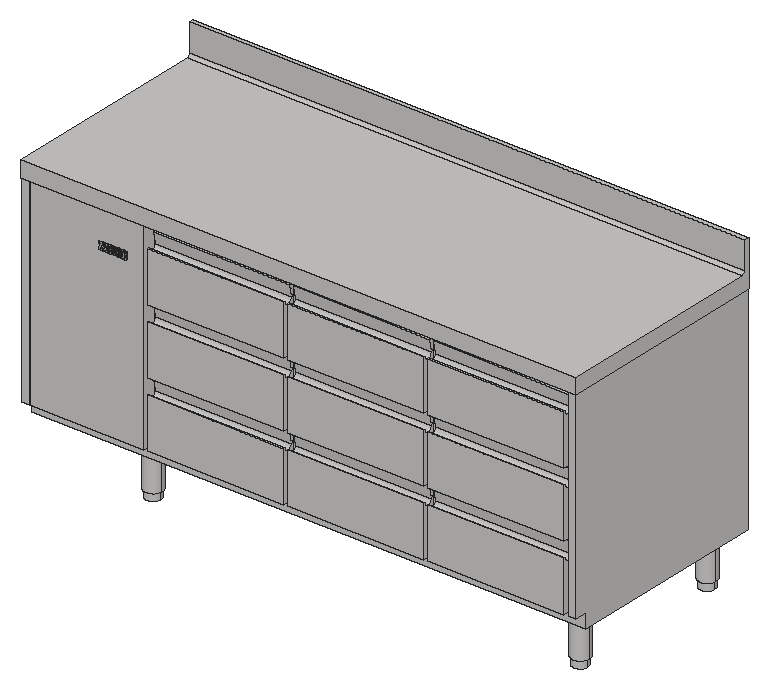
Revit family "QF_ZANUSSI_111050_ZH3H3CCC", category Specialty Equipment, Revit 2018
Family settings
  Round Connector Dimension = Use Diameter
  Part Type = Normal
  Work Plane-Based = No
  Always vertical = Yes
  Cut with Voids When Loaded = No
  Shared = No
  Room Calculation Point = No
Parameters
  Weight = 0.00 kg
  Watts = 0.0232258 W
  Volts = 220 V
  URL Manufacturer = "http://www.zanussiprofessional.com/"
  URL = "http://www.zanussiprofessional.com/"
  Steam Supply Size = 0 mm
  Steam Supply Minimum Pressure = 0.0 Pa
  Steam Supply Maximum Pressure = 0.0 Pa
  Steam Pounds per Hour = 0
  Show Logo [instance] = yes
  Show Clearance [instance] = yes
  Refrigeration Suction Line Size = 0 mm
  Refrigeration Liquid Line Size = 0 mm
  Refrigerant Compressor Remote = yes
  Manufacturer = "Zanussi"
  Phase = 1
  Model = "ZH3H3CCC"
  Length Actual = 1799 mm  # constant formula
  Item Number = "111050"
  Hot Water Size = 0 mm
  Height Actual = 1000 mm  # constant formula
  HP = "0.3 HP"
  Gas Size = 0 mm
  Gas KW = 0
  Gas Input Pressure = 0 W
  Description = "9x1/3 DRAWERS REF.TABLE 440L-SPLASHB"
  Depth Actual = 700 mm  # constant formula
  Cycle = 50 Hz
  Condensate Return Size = 0 mm
  Compressed Air Volume = 0.0 L/s
  Compressed Air Size = 0 mm
  Compressed Air Pressure = 0.0 Pa
  Cold Water Size = 0 mm
  Accessory = yes
Reference planes
  plane 1 "Center X": y = 182.5
  plane 2: z = 0
  plane 3 "Center Y": x = -353.5
  plane 4: y = -62.5
  plane 5: y = 451.5
  plane 6 "BACK": y = 532.5
  plane 7 "FRONT": y = -167.5
  plane 8: x = -906
  plane 9: x = 478
  plane 10: z = 150
  plane 11 "TOP": z = 900
  plane 12: z = 850
  plane 13 "LEFT": x = -1251
  plane 14 "RIGHT": x = 544
  plane 15: x = -1253
  plane 16: x = 546
Forms (mm)
  Extrusion 1, solid, material "QF_Finishes_Stainless Steel"
    sketch origin (-353.5, 2, 0) x (0, 1, 0) y (0, 0, 1)
      loop
        line (530.5, 150) -> (530.5, 850) -> (-124.5, 850) -> (-124.5, 150) -> (530.5, 150)
    from -897.5 to 897.5
  Extrusion 2, solid, material "QF_Finishes_Stainless Steel"
    sketch origin (-1022.223, -1524, 150) x (-1, 0, 0) y (0, -1, 0)
      loop
        line (228.777, -1361.5) -> (203.777, -1361.5) -> (203.777, -1401.5) -> (228.777, -1401.5) -> (228.777, -1361.5)
      loop
        line (-1566.223, -1401.5) -> (-1541.223, -1401.5) -> (-1541.223, -1361.5) -> (-1566.223, -1361.5) -> (-1566.223, -1401.5)
    from 47 to 700
  Extrusion 3, solid, material "QF_Finishes_Stainless Steel"
    sketch origin (0, 0, 900) x (-1, 0, 0) y (0, -1, 0)
      loop
        circle (170, -94.5) r 8.45
    from -790.577 to -750
  Extrusion 4, solid, material "QF_Finishes_Stainless Steel"
    sketch origin (0, 0, 0) x (1, 0, 0) y (0, 1, 0)
      loop
        circle (-1167, 451.5) r 4
    from 109.423 to 150
  Extrusion 5, solid, material "QF_Finishes_Stainless Steel"
    sketch origin (-126.5, 0, 0) x (0, 1, 0) y (0, 0, 1)
      loop
        line (-167.5, 900) -> (-167.5, 850) -> (532.5, 850) -> (532.5, 1000) -> (519.5, 1000) -> (519.5, 910)
        arc (519.5, 910) -> (516.571, 902.929) -> (509.5, 900) r 10
        line (509.5, 900) -> (-167.5, 900)
    from 672.5 to -1126.5
Cuts and joins
  joined: Extrusion 1, Extrusion 2
Lines and regions (mm)
  symbolic lines, style "SpecialityEquipmentHiddenLines"
    curve 1: line (-1253, -122.5, 900) -> (546, -122.5, 900)
    curve 2: line (-850, -167.5, 900) -> (-850, -122.5, 900)
  symbolic lines, style "SpecialityEquipment"
    curve 3: line (-1253, 532.5, 900) -> (546, 532.5, 900)
    curve 4: line (-1253, 532.5, 900) -> (-1253, -167.5, 900)
    curve 5: line (-1253, -167.5, 900) -> (546, -167.5, 900)
    curve 6: line (546, -167.5, 900) -> (546, 532.5, 900)
    curve 7: line (-1253, 519.5, 900) -> (546, 519.5, 900)
Dimensions and locks
  locked: plane 6 "BACK" to plane 7 "FRONT" at 700
  equal spacing: plane 6 "BACK", plane 1 "Center X", plane 7 "FRONT"
  locked: plane 6 "BACK" to plane 5 at 81
  plane 10 to level = 150 mm
  plane 11 "TOP" to plane 12 to plane 10 = 50 mm locked, 700 mm locked
  locked: Extrusion 2 sketch curve to Extrusion 2 sketch curve at 25  (x2)
  locked: plane 4 to plane 7 "FRONT" at 105
  locked: plane 6 "BACK" to Extrusion 3 sketch curve at 438
  equal spacing: plane 13 "LEFT", plane 3 "Center Y", plane 14 "RIGHT"
  plane 15 to plane 16 = 1799 mm
  locked: plane 13 "LEFT" to plane 8 at 345
  locked: plane 9 to plane 14 "RIGHT" at 66
  Extrusion 3 sketch curve to plane 14 "RIGHT" = 714 mm
  plane 13 "LEFT" to Extrusion 4 sketch curve = 84 mm
  locked: plane 6 "BACK" to Extrusion 4 sketch curve at 81
  locked: plane 10 to Extrusion 4 at 40.577
  aligned and locked: level to plane 2
  aligned and locked: plane 10 to Extrusion 3
  aligned and locked: nested 4 to plane 4
  aligned and locked: nested 1 to plane 4
  aligned and locked: nested 3 to plane 5
  aligned and locked: nested 2 to plane 5
  aligned and locked: plane 8 to nested 1
  aligned and locked: plane 8 to nested 2
  aligned and locked: plane 9 to nested 4
  aligned and locked: plane 9 to nested 3
  aligned and locked: Extrusion 1 to Extrusion 2
  aligned and locked: Extrusion 2 to Extrusion 1
  aligned and locked: Extrusion 2 sketch curve to plane 14 "RIGHT"
  aligned and locked: plane 13 "LEFT" to Extrusion 2 sketch curve
  aligned and locked: cut or joined group of Extrusion 1, Extrusion 2 to plane 10
  aligned and locked: plane 12 to cut or joined group of Extrusion 1, Extrusion 2
  aligned and locked: plane 10 to Extrusion 4
Automatic sketch dimensions
  plane 7 "FRONT" to Extrusion 2 sketch curve = 45 mm  (x2)
  plane 7 "FRONT" to Extrusion 2 sketch curve = 5 mm  (x2)
  Extrusion 1 sketch curve to plane 10 = 0 mm
  Extrusion 1 sketch curve to plane 12 = 0 mm
  Extrusion 1 sketch curve to plane 6 "BACK" = 0 mm
  plane 7 "FRONT" to Extrusion 1 sketch curve = 45 mm
  Extrusion 5 sketch curve to plane 7 "FRONT" = 0 mm
  Extrusion 5 sketch curve to plane 11 "TOP" = 0 mm
  Extrusion 5 sketch curve to plane 6 "BACK" = 0 mm
  Extrusion 5 sketch curve to plane 12 = 0 mm
  plane 11 "TOP" to Extrusion 5 sketch curve = 10 mm
  Extrusion 5 sketch curve to plane 6 "BACK" = 23 mm
  Extrusion 5 sketch curve to Extrusion 5 sketch curve = 90 mm
  curve 7 to plane 16 = 0 mm
  curve 2 to plane 7 "FRONT" = 0 mm
  curve 5 to plane 15 = 0 mm
  curve 3 to plane 6 "BACK" = 0 mm
  plane 8 to curve 2 = 56 mm
  curve 3 to curve 7 = 13 mm
  curve 1 to curve 4 = 45 mm
  radius of Extrusion 3 sketch curve = 8.45 mm
  radius of Extrusion 4 sketch curve = 4 mm
Nested families
  nested 1: "Foot_Ø50_H150" at (-906, -62.5, 0), type "Foot_Ø50_H150"
  nested 2: "Foot_Ø50_H150" at (-906, 451.5, 0), type "Foot_Ø50_H150"
  nested 3: "Foot_Ø50_H150" at (478, 451.5, 0), type "Foot_Ø50_H150"
  nested 4: "Foot_Ø50_H150" at (478, -62.5, 0), type "Foot_Ø50_H150"
  nested 5: "3x1-3 Drawers" at (285, -164.5, 0), Show Clearance <- "Show Clearance", type "3x1-3 Drawers"
  nested 6: "3x1-3 Drawers" at (-169, -164.5, 0), Show Clearance <- "Show Clearance", type "3x1-3 Drawers"
  nested 7: "Refrigerator" at (544, -167.5, 900), type "Refrigerator"
  nested 8: "ZAN_Cooling Unit" at (-1041.5, -164.5, 0), Show Logo <- "Show Logo", type "ZAN_Cooling Unit"
  nested 9: "3x1-3 Drawers" at (-623, -164.5, 0) x (-1, 0, 0) z (0, 0, 1), Show Clearance <- "Show Clearance", type "3x1-3 Drawers"
Connectors
  electrical at (-1167, 451.5, 109.423), driven by "Volts"
    settings: on Extrusion 4, index 4, voltage 220 V, apparent load 0 VA, apparent load phase1 0 VA, apparent load phase2 0 VA, apparent load phase3 0 VA, power factor 1, load classification "Altro", number of poles 1, system type 30, power factor state 1, is connector primary yes, connector utility no, sub classification motor no, connector description "Electrical Connection"
  piping at (-170, 94.5, 109.423), diameter 17
    settings: on Extrusion 3, index 5, connector inside diameter 609.6 mm, connector length 0 mm, flow factor 0, pipe flow 0.0 L/s, pressure drop 0.0 Pa, fitting loss kfactor 0, connector angle 0.00°, fixture units 0, engagement length 0 mm, angle of deflection 0.00°, flow configuration 1, flow direction 2, fitting loss method 0, system type 16, joint type 0, gender type 0, connector reference index -1, connector utility 0, adjustable connector no, is connector primary yes, connector description "Drain"
Definition of nested family "Foot_Ø50_H150"
  Reference planes
    plane 1 "Centro (Fronte/Retro)": y = 0
    plane 2: z = 0
    plane 3 "Centro (Sinistra/Destra)": x = 0
    plane 4: z = 150
  Forms (mm)
    Revolve 1, solid
      sketch origin (255.05, 0, 608.09) x (0, 0, 1) y (-1, 0, 0)
        loop
          line (-608.09, 255.05) -> (-608.09, 230.05) -> (-583.09, 230.05) -> (-583.09, 226.05) -> (-458.09, 226.05) -> (-458.09, 255.05) -> (-608.09, 255.05)
        axis (-608.09, 255.05) -> (-458.09, 255.05)
      angle from 0 to 360
  Dimensions and locks
    locked: Revolve 1 sketch curve to Revolve 1 sketch curve at 125
    aligned and locked: level to plane 2
    aligned and locked: plane 4 to Revolve 1 sketch curve
    aligned and locked: Revolve 1 sketch curve to level
    aligned and locked: plane 3 "Centro (Sinistra/Destra)" to Revolve 1 sketch curve
Definition of nested family "3x1-3 Drawers"
  Parameters
    Show Clearance [instance] = yes
  Reference planes
    plane 1 "FRONT": y = -3
    plane 2: z = 0
    plane 3 "Centro (Sinistra/Destra)": x = 0
    plane 4: z = 150
    plane 5: z = 850
    plane 6: x = -234
    plane 7: x = 234
    plane 8: x = -220
    plane 9: x = 220
  Forms (mm)
    Extrusion 1, solid
      sketch origin (0, 55, 511) x (0, 0, 1) y (0, -1, 0)
        loop
          line (314, 18) -> (314, 29) -> (274.395, 22.5)
          arc (274.395, 22.5) -> (260.395, 36.5) -> (274.395, 50.5) r 14
          line (274.395, 50.5) -> (274.395, 53) -> (111.333, 53) -> (111.333, 18) -> (314, 18)
        loop
          line (101.333, 29) -> (61.728, 22.5)
          arc (61.728, 22.5) -> (47.728, 36.5) -> (61.728, 50.5) r 14
          line (61.728, 50.5) -> (61.728, 53) -> (-101.333, 53) -> (-101.333, 18) -> (101.333, 18) -> (101.333, 29)
        loop
          line (-314, 18) -> (-111.333, 18) -> (-111.333, 29) -> (-150.939, 22.5)
          arc (-150.939, 22.5) -> (-164.939, 36.5) -> (-150.939, 50.5) r 14
          line (-150.939, 50.5) -> (-150.939, 53) -> (-314, 53) -> (-314, 18)
      from -220 to 220
    Extrusion 2, solid, visible <- "Show Clearance", detail levels coarse
      sketch origin (0, -462, 511) x (0, 0, 1) y (0, -1, 0)
        loop
          line (-314, 109) -> (-314, -464) -> (-111.333, -464) -> (-111.333, 109) -> (-314, 109)
        loop
          line (314, -464) -> (314, 109) -> (111.333, 109) -> (111.333, -464) -> (314, -464)
        loop
          line (101.333, 109) -> (-101.333, 109) -> (-101.333, -464) -> (101.333, -464) -> (101.333, 109)
      from -220 to 220
  Lines and regions (mm)
    symbolic lines
      curve 1: line (-190, -3, 0) -> (-190, -48, 0)
      curve 2: line (220, -48, 0) -> (-220, -48, 0)
      curve 3: line (-220, -48, 0) -> (-220, -83, 0)
      curve 4: line (-220, -83, 0) -> (220, -83, 0)
      curve 5: line (220, -83, 0) -> (220, -48, 0)
      curve 6: line (190, -48, 0) -> (190, -3, 0)
      curve 7: line (-190, -83, 0) -> (-190, -128, 0)
      curve 8: line (220, -128, 0) -> (-220, -128, 0)
      curve 9: line (-220, -128, 0) -> (-220, -163, 0)
      curve 10: line (-220, -163, 0) -> (220, -163, 0)
      curve 11: line (220, -163, 0) -> (220, -128, 0)
      curve 12: line (190, -128, 0) -> (190, -83, 0)
      curve 13: line (-190, -163, 0) -> (-190, -208, 0)
      curve 14: line (220, -208, 0) -> (-220, -208, 0)
      curve 15: line (-220, -208, 0) -> (-220, -243, 0)
      curve 16: line (-220, -243, 0) -> (220, -243, 0)
      curve 17: line (220, -243, 0) -> (220, -208, 0)
      curve 18: line (190, -208, 0) -> (190, -163, 0)
  Dimensions and locks
    aligned and locked: level to plane 2
Definition of nested family "ZAN_Cooling Unit"
  Parameters
    Show Logo [instance] = yes
  Reference planes
    plane 1 "FRONT": y = -3
    plane 2: z = 0
    plane 3 "Centro (Sinistra/Destra)": x = 0
    plane 4: z = 150
    plane 5: z = 850
    plane 6: x = -184.5
    plane 7: x = 184.5
  Forms (mm)
    Extrusion 1, solid
      sketch origin (0, 55, 511) x (0, 0, 1) y (0, -1, 0)
        loop
          line (-314, 53) -> (-314, 13) -> (339, 13) -> (339, 53) -> (-314, 53)
      from -184.5 to 184.5
  Lines and regions (mm)
    Split face 1
      outline origin (0, 2, 197) x (0, 0, 1) y (-1, 0, 0)
        loop
          line (566.835, 184.5) -> (566.835, -184.5)
        loop
          line (521.835, 184.5) -> (521.835, -184.5)
    Split face 2
      outline origin (0, 2, 197) x (0, 0, 1) y (-1, 0, 0)
        loop
          arc (510.649, 158.547) -> (506.648, 162.548) -> (502.647, 158.547) r 4.001
          line (502.647, 158.547) -> (502.647, 116.535)
          arc (502.647, 116.535) -> (506.648, 112.533) -> (510.649, 116.535) r 4.001
          line (510.649, 116.535) -> (510.649, 158.547)
    Split face 3
      outline origin (0, 2, 184.996) x (0, 0, 1) y (-1, 0, 0)
        loop
          arc (510.649, 158.547) -> (506.648, 162.548) -> (502.647, 158.547) r 4.001
          line (502.647, 158.547) -> (502.647, 116.535)
          arc (502.647, 116.535) -> (506.648, 112.533) -> (510.649, 116.535) r 4.001
          line (510.649, 116.535) -> (510.649, 158.547)
    Split face 4
      outline origin (0, 2, 172.993) x (0, 0, 1) y (-1, 0, 0)
        loop
          arc (510.649, 158.547) -> (506.648, 162.548) -> (502.647, 158.547) r 4.001
          line (502.647, 158.547) -> (502.647, 116.535)
          arc (502.647, 116.535) -> (506.648, 112.533) -> (510.649, 116.535) r 4.001
          line (510.649, 116.535) -> (510.649, 158.547)
    Split face 5
      outline origin (0, 2, 160.989) x (0, 0, 1) y (-1, 0, 0)
        loop
          arc (510.649, 158.547) -> (506.648, 162.548) -> (502.647, 158.547) r 4.001
          line (502.647, 158.547) -> (502.647, 116.535)
          arc (502.647, 116.535) -> (506.648, 112.533) -> (510.649, 116.535) r 4.001
          line (510.649, 116.535) -> (510.649, 158.547)
    Split face 6
      outline origin (0, 2, 148.986) x (0, 0, 1) y (-1, 0, 0)
        loop
          arc (510.649, 158.547) -> (506.648, 162.548) -> (502.647, 158.547) r 4.001
          line (502.647, 158.547) -> (502.647, 116.535)
          arc (502.647, 116.535) -> (506.648, 112.533) -> (510.649, 116.535) r 4.001
          line (510.649, 116.535) -> (510.649, 158.547)
    Split face 7
      outline origin (0, 2, 136.982) x (0, 0, 1) y (-1, 0, 0)
        loop
          arc (510.649, 158.547) -> (506.648, 162.548) -> (502.647, 158.547) r 4.001
          line (502.647, 158.547) -> (502.647, 116.535)
          arc (502.647, 116.535) -> (506.648, 112.533) -> (510.649, 116.535) r 4.001
          line (510.649, 116.535) -> (510.649, 158.547)
    Split face 8
      outline origin (0, 2, 124.979) x (0, 0, 1) y (-1, 0, 0)
        loop
          arc (510.649, 158.547) -> (506.648, 162.548) -> (502.647, 158.547) r 4.001
          line (502.647, 158.547) -> (502.647, 116.535)
          arc (502.647, 116.535) -> (506.648, 112.533) -> (510.649, 116.535) r 4.001
          line (510.649, 116.535) -> (510.649, 158.547)
    Split face 9
      outline origin (0, 2, 112.975) x (0, 0, 1) y (-1, 0, 0)
        loop
          arc (510.649, 158.547) -> (506.648, 162.548) -> (502.647, 158.547) r 4.001
          line (502.647, 158.547) -> (502.647, 116.535)
          arc (502.647, 116.535) -> (506.648, 112.533) -> (510.649, 116.535) r 4.001
          line (510.649, 116.535) -> (510.649, 158.547)
    Split face 10
      outline origin (0, 2, 100.972) x (0, 0, 1) y (-1, 0, 0)
        loop
          arc (510.649, 158.547) -> (506.648, 162.548) -> (502.647, 158.547) r 4.001
          line (502.647, 158.547) -> (502.647, 116.535)
          arc (502.647, 116.535) -> (506.648, 112.533) -> (510.649, 116.535) r 4.001
          line (510.649, 116.535) -> (510.649, 158.547)
    Split face 11
      outline origin (0, 2, 88.968) x (0, 0, 1) y (-1, 0, 0)
        loop
          arc (510.649, 158.547) -> (506.648, 162.548) -> (502.647, 158.547) r 4.001
          line (502.647, 158.547) -> (502.647, 116.535)
          arc (502.647, 116.535) -> (506.648, 112.533) -> (510.649, 116.535) r 4.001
          line (510.649, 116.535) -> (510.649, 158.547)
    Split face 12
      outline origin (0, 2, 76.965) x (0, 0, 1) y (-1, 0, 0)
        loop
          arc (510.649, 158.547) -> (506.648, 162.548) -> (502.647, 158.547) r 4.001
          line (502.647, 158.547) -> (502.647, 116.535)
          arc (502.647, 116.535) -> (506.648, 112.533) -> (510.649, 116.535) r 4.001
          line (510.649, 116.535) -> (510.649, 158.547)
    Split face 13
      outline origin (0, 2, 64.961) x (0, 0, 1) y (-1, 0, 0)
        loop
          arc (510.649, 158.547) -> (506.648, 162.548) -> (502.647, 158.547) r 4.001
          line (502.647, 158.547) -> (502.647, 116.535)
          arc (502.647, 116.535) -> (506.648, 112.533) -> (510.649, 116.535) r 4.001
          line (510.649, 116.535) -> (510.649, 158.547)
    Split face 14
      outline origin (0, 2, 52.958) x (0, 0, 1) y (-1, 0, 0)
        loop
          arc (510.649, 158.547) -> (506.648, 162.548) -> (502.647, 158.547) r 4.001
          line (502.647, 158.547) -> (502.647, 116.535)
          arc (502.647, 116.535) -> (506.648, 112.533) -> (510.649, 116.535) r 4.001
          line (510.649, 116.535) -> (510.649, 158.547)
    Split face 15
      outline origin (0, 2, 40.954) x (0, 0, 1) y (-1, 0, 0)
        loop
          arc (510.649, 158.547) -> (506.648, 162.548) -> (502.647, 158.547) r 4.001
          line (502.647, 158.547) -> (502.647, 116.535)
          arc (502.647, 116.535) -> (506.648, 112.533) -> (510.649, 116.535) r 4.001
          line (510.649, 116.535) -> (510.649, 158.547)
    Split face 16
      outline origin (0, 2, 28.951) x (0, 0, 1) y (-1, 0, 0)
        loop
          arc (510.649, 158.547) -> (506.648, 162.548) -> (502.647, 158.547) r 4.001
          line (502.647, 158.547) -> (502.647, 116.535)
          arc (502.647, 116.535) -> (506.648, 112.533) -> (510.649, 116.535) r 4.001
          line (510.649, 116.535) -> (510.649, 158.547)
    Split face 17
      outline origin (0, 2, 16.947) x (0, 0, 1) y (-1, 0, 0)
        loop
          arc (510.649, 158.547) -> (506.648, 162.548) -> (502.647, 158.547) r 4.001
          line (502.647, 158.547) -> (502.647, 116.535)
          arc (502.647, 116.535) -> (506.648, 112.533) -> (510.649, 116.535) r 4.001
          line (510.649, 116.535) -> (510.649, 158.547)
    Split face 18
      outline origin (55.016, 2, 197) x (0, 0, 1) y (-1, 0, 0)
        loop
          arc (510.649, 158.547) -> (506.648, 162.548) -> (502.647, 158.547) r 4.001
          line (502.647, 158.547) -> (502.647, 116.535)
          arc (502.647, 116.535) -> (506.648, 112.533) -> (510.649, 116.535) r 4.001
          line (510.649, 116.535) -> (510.649, 158.547)
    Split face 19
      outline origin (55.016, 2, 184.996) x (0, 0, 1) y (-1, 0, 0)
        loop
          arc (510.649, 158.547) -> (506.648, 162.548) -> (502.647, 158.547) r 4.001
          line (502.647, 158.547) -> (502.647, 116.535)
          arc (502.647, 116.535) -> (506.648, 112.533) -> (510.649, 116.535) r 4.001
          line (510.649, 116.535) -> (510.649, 158.547)
    Split face 20
      outline origin (55.016, 2, 172.993) x (0, 0, 1) y (-1, 0, 0)
        loop
          arc (510.649, 158.547) -> (506.648, 162.548) -> (502.647, 158.547) r 4.001
          line (502.647, 158.547) -> (502.647, 116.535)
          arc (502.647, 116.535) -> (506.648, 112.533) -> (510.649, 116.535) r 4.001
          line (510.649, 116.535) -> (510.649, 158.547)
    Split face 21
      outline origin (55.016, 2, 160.989) x (0, 0, 1) y (-1, 0, 0)
        loop
          arc (510.649, 158.547) -> (506.648, 162.548) -> (502.647, 158.547) r 4.001
          line (502.647, 158.547) -> (502.647, 116.535)
          arc (502.647, 116.535) -> (506.648, 112.533) -> (510.649, 116.535) r 4.001
          line (510.649, 116.535) -> (510.649, 158.547)
    Split face 22
      outline origin (55.016, 2, 148.986) x (0, 0, 1) y (-1, 0, 0)
        loop
          arc (510.649, 158.547) -> (506.648, 162.548) -> (502.647, 158.547) r 4.001
          line (502.647, 158.547) -> (502.647, 116.535)
          arc (502.647, 116.535) -> (506.648, 112.533) -> (510.649, 116.535) r 4.001
          line (510.649, 116.535) -> (510.649, 158.547)
    Split face 23
      outline origin (55.016, 2, 136.982) x (0, 0, 1) y (-1, 0, 0)
        loop
          arc (510.649, 158.547) -> (506.648, 162.548) -> (502.647, 158.547) r 4.001
          line (502.647, 158.547) -> (502.647, 116.535)
          arc (502.647, 116.535) -> (506.648, 112.533) -> (510.649, 116.535) r 4.001
          line (510.649, 116.535) -> (510.649, 158.547)
    Split face 24
      outline origin (55.016, 2, 124.979) x (0, 0, 1) y (-1, 0, 0)
        loop
          arc (510.649, 158.547) -> (506.648, 162.548) -> (502.647, 158.547) r 4.001
          line (502.647, 158.547) -> (502.647, 116.535)
          arc (502.647, 116.535) -> (506.648, 112.533) -> (510.649, 116.535) r 4.001
          line (510.649, 116.535) -> (510.649, 158.547)
    Split face 25
      outline origin (55.016, 2, 112.975) x (0, 0, 1) y (-1, 0, 0)
        loop
          arc (510.649, 158.547) -> (506.648, 162.548) -> (502.647, 158.547) r 4.001
          line (502.647, 158.547) -> (502.647, 116.535)
          arc (502.647, 116.535) -> (506.648, 112.533) -> (510.649, 116.535) r 4.001
          line (510.649, 116.535) -> (510.649, 158.547)
    Split face 26
      outline origin (55.016, 2, 100.972) x (0, 0, 1) y (-1, 0, 0)
        loop
          arc (510.649, 158.547) -> (506.648, 162.548) -> (502.647, 158.547) r 4.001
          line (502.647, 158.547) -> (502.647, 116.535)
          arc (502.647, 116.535) -> (506.648, 112.533) -> (510.649, 116.535) r 4.001
          line (510.649, 116.535) -> (510.649, 158.547)
    Split face 27
      outline origin (55.016, 2, 88.968) x (0, 0, 1) y (-1, 0, 0)
        loop
          arc (510.649, 158.547) -> (506.648, 162.548) -> (502.647, 158.547) r 4.001
          line (502.647, 158.547) -> (502.647, 116.535)
          arc (502.647, 116.535) -> (506.648, 112.533) -> (510.649, 116.535) r 4.001
          line (510.649, 116.535) -> (510.649, 158.547)
    Split face 28
      outline origin (55.016, 2, 76.965) x (0, 0, 1) y (-1, 0, 0)
        loop
          arc (510.649, 158.547) -> (506.648, 162.548) -> (502.647, 158.547) r 4.001
          line (502.647, 158.547) -> (502.647, 116.535)
          arc (502.647, 116.535) -> (506.648, 112.533) -> (510.649, 116.535) r 4.001
          line (510.649, 116.535) -> (510.649, 158.547)
    Split face 29
      outline origin (55.016, 2, 64.961) x (0, 0, 1) y (-1, 0, 0)
        loop
          arc (510.649, 158.547) -> (506.648, 162.548) -> (502.647, 158.547) r 4.001
          line (502.647, 158.547) -> (502.647, 116.535)
          arc (502.647, 116.535) -> (506.648, 112.533) -> (510.649, 116.535) r 4.001
          line (510.649, 116.535) -> (510.649, 158.547)
    Split face 30
      outline origin (55.016, 2, 52.958) x (0, 0, 1) y (-1, 0, 0)
        loop
          arc (510.649, 158.547) -> (506.648, 162.548) -> (502.647, 158.547) r 4.001
          line (502.647, 158.547) -> (502.647, 116.535)
          arc (502.647, 116.535) -> (506.648, 112.533) -> (510.649, 116.535) r 4.001
          line (510.649, 116.535) -> (510.649, 158.547)
    Split face 31
      outline origin (55.016, 2, 40.954) x (0, 0, 1) y (-1, 0, 0)
        loop
          arc (510.649, 158.547) -> (506.648, 162.548) -> (502.647, 158.547) r 4.001
          line (502.647, 158.547) -> (502.647, 116.535)
          arc (502.647, 116.535) -> (506.648, 112.533) -> (510.649, 116.535) r 4.001
          line (510.649, 116.535) -> (510.649, 158.547)
    Split face 32
      outline origin (55.016, 2, 28.951) x (0, 0, 1) y (-1, 0, 0)
        loop
          arc (510.649, 158.547) -> (506.648, 162.548) -> (502.647, 158.547) r 4.001
          line (502.647, 158.547) -> (502.647, 116.535)
          arc (502.647, 116.535) -> (506.648, 112.533) -> (510.649, 116.535) r 4.001
          line (510.649, 116.535) -> (510.649, 158.547)
    Split face 33
      outline origin (55.016, 2, 16.947) x (0, 0, 1) y (-1, 0, 0)
        loop
          arc (510.649, 158.547) -> (506.648, 162.548) -> (502.647, 158.547) r 4.001
          line (502.647, 158.547) -> (502.647, 116.535)
          arc (502.647, 116.535) -> (506.648, 112.533) -> (510.649, 116.535) r 4.001
          line (510.649, 116.535) -> (510.649, 158.547)
    Split face 34
      outline origin (110.032, 2, 197) x (0, 0, 1) y (-1, 0, 0)
        loop
          arc (510.649, 158.547) -> (506.648, 162.548) -> (502.647, 158.547) r 4.001
          line (502.647, 158.547) -> (502.647, 116.535)
          arc (502.647, 116.535) -> (506.648, 112.533) -> (510.649, 116.535) r 4.001
          line (510.649, 116.535) -> (510.649, 158.547)
    Split face 35
      outline origin (110.032, 2, 184.996) x (0, 0, 1) y (-1, 0, 0)
        loop
          arc (510.649, 158.547) -> (506.648, 162.548) -> (502.647, 158.547) r 4.001
          line (502.647, 158.547) -> (502.647, 116.535)
          arc (502.647, 116.535) -> (506.648, 112.533) -> (510.649, 116.535) r 4.001
          line (510.649, 116.535) -> (510.649, 158.547)
    Split face 36
      outline origin (110.032, 2, 172.993) x (0, 0, 1) y (-1, 0, 0)
        loop
          arc (510.649, 158.547) -> (506.648, 162.548) -> (502.647, 158.547) r 4.001
          line (502.647, 158.547) -> (502.647, 116.535)
          arc (502.647, 116.535) -> (506.648, 112.533) -> (510.649, 116.535) r 4.001
          line (510.649, 116.535) -> (510.649, 158.547)
    Split face 37
      outline origin (110.032, 2, 160.989) x (0, 0, 1) y (-1, 0, 0)
        loop
          arc (510.649, 158.547) -> (506.648, 162.548) -> (502.647, 158.547) r 4.001
          line (502.647, 158.547) -> (502.647, 116.535)
          arc (502.647, 116.535) -> (506.648, 112.533) -> (510.649, 116.535) r 4.001
          line (510.649, 116.535) -> (510.649, 158.547)
    Split face 38
      outline origin (110.032, 2, 148.986) x (0, 0, 1) y (-1, 0, 0)
        loop
          arc (510.649, 158.547) -> (506.648, 162.548) -> (502.647, 158.547) r 4.001
          line (502.647, 158.547) -> (502.647, 116.535)
          arc (502.647, 116.535) -> (506.648, 112.533) -> (510.649, 116.535) r 4.001
          line (510.649, 116.535) -> (510.649, 158.547)
    Split face 39
      outline origin (110.032, 2, 136.982) x (0, 0, 1) y (-1, 0, 0)
        loop
          arc (510.649, 158.547) -> (506.648, 162.548) -> (502.647, 158.547) r 4.001
          line (502.647, 158.547) -> (502.647, 116.535)
          arc (502.647, 116.535) -> (506.648, 112.533) -> (510.649, 116.535) r 4.001
          line (510.649, 116.535) -> (510.649, 158.547)
    Split face 40
      outline origin (110.032, 2, 124.979) x (0, 0, 1) y (-1, 0, 0)
        loop
          arc (510.649, 158.547) -> (506.648, 162.548) -> (502.647, 158.547) r 4.001
          line (502.647, 158.547) -> (502.647, 116.535)
          arc (502.647, 116.535) -> (506.648, 112.533) -> (510.649, 116.535) r 4.001
          line (510.649, 116.535) -> (510.649, 158.547)
    Split face 41
      outline origin (110.032, 2, 112.975) x (0, 0, 1) y (-1, 0, 0)
        loop
          arc (510.649, 158.547) -> (506.648, 162.548) -> (502.647, 158.547) r 4.001
          line (502.647, 158.547) -> (502.647, 116.535)
          arc (502.647, 116.535) -> (506.648, 112.533) -> (510.649, 116.535) r 4.001
          line (510.649, 116.535) -> (510.649, 158.547)
    Split face 42
      outline origin (110.032, 2, 100.972) x (0, 0, 1) y (-1, 0, 0)
        loop
          arc (510.649, 158.547) -> (506.648, 162.548) -> (502.647, 158.547) r 4.001
          line (502.647, 158.547) -> (502.647, 116.535)
          arc (502.647, 116.535) -> (506.648, 112.533) -> (510.649, 116.535) r 4.001
          line (510.649, 116.535) -> (510.649, 158.547)
    Split face 43
      outline origin (110.032, 2, 88.968) x (0, 0, 1) y (-1, 0, 0)
        loop
          arc (510.649, 158.547) -> (506.648, 162.548) -> (502.647, 158.547) r 4.001
          line (502.647, 158.547) -> (502.647, 116.535)
          arc (502.647, 116.535) -> (506.648, 112.533) -> (510.649, 116.535) r 4.001
          line (510.649, 116.535) -> (510.649, 158.547)
    Split face 44
      outline origin (110.032, 2, 76.965) x (0, 0, 1) y (-1, 0, 0)
        loop
          arc (510.649, 158.547) -> (506.648, 162.548) -> (502.647, 158.547) r 4.001
          line (502.647, 158.547) -> (502.647, 116.535)
          arc (502.647, 116.535) -> (506.648, 112.533) -> (510.649, 116.535) r 4.001
          line (510.649, 116.535) -> (510.649, 158.547)
    Split face 45
      outline origin (110.032, 2, 64.961) x (0, 0, 1) y (-1, 0, 0)
        loop
          arc (510.649, 158.547) -> (506.648, 162.548) -> (502.647, 158.547) r 4.001
          line (502.647, 158.547) -> (502.647, 116.535)
          arc (502.647, 116.535) -> (506.648, 112.533) -> (510.649, 116.535) r 4.001
          line (510.649, 116.535) -> (510.649, 158.547)
    Split face 46
      outline origin (110.032, 2, 52.958) x (0, 0, 1) y (-1, 0, 0)
        loop
          arc (510.649, 158.547) -> (506.648, 162.548) -> (502.647, 158.547) r 4.001
          line (502.647, 158.547) -> (502.647, 116.535)
          arc (502.647, 116.535) -> (506.648, 112.533) -> (510.649, 116.535) r 4.001
          line (510.649, 116.535) -> (510.649, 158.547)
    Split face 47
      outline origin (110.032, 2, 40.954) x (0, 0, 1) y (-1, 0, 0)
        loop
          arc (510.649, 158.547) -> (506.648, 162.548) -> (502.647, 158.547) r 4.001
          line (502.647, 158.547) -> (502.647, 116.535)
          arc (502.647, 116.535) -> (506.648, 112.533) -> (510.649, 116.535) r 4.001
          line (510.649, 116.535) -> (510.649, 158.547)
    Split face 48
      outline origin (110.032, 2, 28.951) x (0, 0, 1) y (-1, 0, 0)
        loop
          arc (510.649, 158.547) -> (506.648, 162.548) -> (502.647, 158.547) r 4.001
          line (502.647, 158.547) -> (502.647, 116.535)
          arc (502.647, 116.535) -> (506.648, 112.533) -> (510.649, 116.535) r 4.001
          line (510.649, 116.535) -> (510.649, 158.547)
    Split face 49
      outline origin (110.032, 2, 16.947) x (0, 0, 1) y (-1, 0, 0)
        loop
          arc (510.649, 158.547) -> (506.648, 162.548) -> (502.647, 158.547) r 4.001
          line (502.647, 158.547) -> (502.647, 116.535)
          arc (502.647, 116.535) -> (506.648, 112.533) -> (510.649, 116.535) r 4.001
          line (510.649, 116.535) -> (510.649, 158.547)
    Split face 50
      outline origin (165.048, 2, 197) x (0, 0, 1) y (-1, 0, 0)
        loop
          arc (510.649, 158.547) -> (506.648, 162.548) -> (502.647, 158.547) r 4.001
          line (502.647, 158.547) -> (502.647, 116.535)
          arc (502.647, 116.535) -> (506.648, 112.533) -> (510.649, 116.535) r 4.001
          line (510.649, 116.535) -> (510.649, 158.547)
    Split face 51
      outline origin (165.048, 2, 184.996) x (0, 0, 1) y (-1, 0, 0)
        loop
          arc (510.649, 158.547) -> (506.648, 162.548) -> (502.647, 158.547) r 4.001
          line (502.647, 158.547) -> (502.647, 116.535)
          arc (502.647, 116.535) -> (506.648, 112.533) -> (510.649, 116.535) r 4.001
          line (510.649, 116.535) -> (510.649, 158.547)
    Split face 52
      outline origin (165.048, 2, 172.993) x (0, 0, 1) y (-1, 0, 0)
        loop
          arc (510.649, 158.547) -> (506.648, 162.548) -> (502.647, 158.547) r 4.001
          line (502.647, 158.547) -> (502.647, 116.535)
          arc (502.647, 116.535) -> (506.648, 112.533) -> (510.649, 116.535) r 4.001
          line (510.649, 116.535) -> (510.649, 158.547)
    Split face 53
      outline origin (165.048, 2, 160.989) x (0, 0, 1) y (-1, 0, 0)
        loop
          arc (510.649, 158.547) -> (506.648, 162.548) -> (502.647, 158.547) r 4.001
          line (502.647, 158.547) -> (502.647, 116.535)
          arc (502.647, 116.535) -> (506.648, 112.533) -> (510.649, 116.535) r 4.001
          line (510.649, 116.535) -> (510.649, 158.547)
    Split face 54
      outline origin (165.048, 2, 148.986) x (0, 0, 1) y (-1, 0, 0)
        loop
          arc (510.649, 158.547) -> (506.648, 162.548) -> (502.647, 158.547) r 4.001
          line (502.647, 158.547) -> (502.647, 116.535)
          arc (502.647, 116.535) -> (506.648, 112.533) -> (510.649, 116.535) r 4.001
          line (510.649, 116.535) -> (510.649, 158.547)
    Split face 55
      outline origin (165.048, 2, 136.982) x (0, 0, 1) y (-1, 0, 0)
        loop
          arc (510.649, 158.547) -> (506.648, 162.548) -> (502.647, 158.547) r 4.001
          line (502.647, 158.547) -> (502.647, 116.535)
          arc (502.647, 116.535) -> (506.648, 112.533) -> (510.649, 116.535) r 4.001
          line (510.649, 116.535) -> (510.649, 158.547)
    Split face 56
      outline origin (165.048, 2, 124.979) x (0, 0, 1) y (-1, 0, 0)
        loop
          arc (510.649, 158.547) -> (506.648, 162.548) -> (502.647, 158.547) r 4.001
          line (502.647, 158.547) -> (502.647, 116.535)
          arc (502.647, 116.535) -> (506.648, 112.533) -> (510.649, 116.535) r 4.001
          line (510.649, 116.535) -> (510.649, 158.547)
    Split face 57
      outline origin (165.048, 2, 112.975) x (0, 0, 1) y (-1, 0, 0)
        loop
          arc (510.649, 158.547) -> (506.648, 162.548) -> (502.647, 158.547) r 4.001
          line (502.647, 158.547) -> (502.647, 116.535)
          arc (502.647, 116.535) -> (506.648, 112.533) -> (510.649, 116.535) r 4.001
          line (510.649, 116.535) -> (510.649, 158.547)
    Split face 58
      outline origin (165.048, 2, 100.972) x (0, 0, 1) y (-1, 0, 0)
        loop
          arc (510.649, 158.547) -> (506.648, 162.548) -> (502.647, 158.547) r 4.001
          line (502.647, 158.547) -> (502.647, 116.535)
          arc (502.647, 116.535) -> (506.648, 112.533) -> (510.649, 116.535) r 4.001
          line (510.649, 116.535) -> (510.649, 158.547)
    Split face 59
      outline origin (165.048, 2, 88.968) x (0, 0, 1) y (-1, 0, 0)
        loop
          arc (510.649, 158.547) -> (506.648, 162.548) -> (502.647, 158.547) r 4.001
          line (502.647, 158.547) -> (502.647, 116.535)
          arc (502.647, 116.535) -> (506.648, 112.533) -> (510.649, 116.535) r 4.001
          line (510.649, 116.535) -> (510.649, 158.547)
    Split face 60
      outline origin (165.048, 2, 76.965) x (0, 0, 1) y (-1, 0, 0)
        loop
          arc (510.649, 158.547) -> (506.648, 162.548) -> (502.647, 158.547) r 4.001
          line (502.647, 158.547) -> (502.647, 116.535)
          arc (502.647, 116.535) -> (506.648, 112.533) -> (510.649, 116.535) r 4.001
          line (510.649, 116.535) -> (510.649, 158.547)
    Split face 61
      outline origin (165.048, 2, 64.961) x (0, 0, 1) y (-1, 0, 0)
        loop
          arc (510.649, 158.547) -> (506.648, 162.548) -> (502.647, 158.547) r 4.001
          line (502.647, 158.547) -> (502.647, 116.535)
          arc (502.647, 116.535) -> (506.648, 112.533) -> (510.649, 116.535) r 4.001
          line (510.649, 116.535) -> (510.649, 158.547)
    Split face 62
      outline origin (165.048, 2, 52.958) x (0, 0, 1) y (-1, 0, 0)
        loop
          arc (510.649, 158.547) -> (506.648, 162.548) -> (502.647, 158.547) r 4.001
          line (502.647, 158.547) -> (502.647, 116.535)
          arc (502.647, 116.535) -> (506.648, 112.533) -> (510.649, 116.535) r 4.001
          line (510.649, 116.535) -> (510.649, 158.547)
    Split face 63
      outline origin (165.048, 2, 40.954) x (0, 0, 1) y (-1, 0, 0)
        loop
          arc (510.649, 158.547) -> (506.648, 162.548) -> (502.647, 158.547) r 4.001
          line (502.647, 158.547) -> (502.647, 116.535)
          arc (502.647, 116.535) -> (506.648, 112.533) -> (510.649, 116.535) r 4.001
          line (510.649, 116.535) -> (510.649, 158.547)
    Split face 64
      outline origin (165.048, 2, 28.951) x (0, 0, 1) y (-1, 0, 0)
        loop
          arc (510.649, 158.547) -> (506.648, 162.548) -> (502.647, 158.547) r 4.001
          line (502.647, 158.547) -> (502.647, 116.535)
          arc (502.647, 116.535) -> (506.648, 112.533) -> (510.649, 116.535) r 4.001
          line (510.649, 116.535) -> (510.649, 158.547)
    Split face 65
      outline origin (165.048, 2, 16.947) x (0, 0, 1) y (-1, 0, 0)
        loop
          arc (510.649, 158.547) -> (506.648, 162.548) -> (502.647, 158.547) r 4.001
          line (502.647, 158.547) -> (502.647, 116.535)
          arc (502.647, 116.535) -> (506.648, 112.533) -> (510.649, 116.535) r 4.001
          line (510.649, 116.535) -> (510.649, 158.547)
    Split face 66
      outline origin (220.064, 2, 197) x (0, 0, 1) y (-1, 0, 0)
        loop
          arc (510.649, 158.547) -> (506.648, 162.548) -> (502.647, 158.547) r 4.001
          line (502.647, 158.547) -> (502.647, 116.535)
          arc (502.647, 116.535) -> (506.648, 112.533) -> (510.649, 116.535) r 4.001
          line (510.649, 116.535) -> (510.649, 158.547)
    Split face 67
      outline origin (220.064, 2, 184.996) x (0, 0, 1) y (-1, 0, 0)
        loop
          arc (510.649, 158.547) -> (506.648, 162.548) -> (502.647, 158.547) r 4.001
          line (502.647, 158.547) -> (502.647, 116.535)
          arc (502.647, 116.535) -> (506.648, 112.533) -> (510.649, 116.535) r 4.001
          line (510.649, 116.535) -> (510.649, 158.547)
    Split face 68
      outline origin (220.064, 2, 172.993) x (0, 0, 1) y (-1, 0, 0)
        loop
          arc (510.649, 158.547) -> (506.648, 162.548) -> (502.647, 158.547) r 4.001
          line (502.647, 158.547) -> (502.647, 116.535)
          arc (502.647, 116.535) -> (506.648, 112.533) -> (510.649, 116.535) r 4.001
          line (510.649, 116.535) -> (510.649, 158.547)
    Split face 69
      outline origin (220.064, 2, 160.989) x (0, 0, 1) y (-1, 0, 0)
        loop
          arc (510.649, 158.547) -> (506.648, 162.548) -> (502.647, 158.547) r 4.001
          line (502.647, 158.547) -> (502.647, 116.535)
          arc (502.647, 116.535) -> (506.648, 112.533) -> (510.649, 116.535) r 4.001
          line (510.649, 116.535) -> (510.649, 158.547)
    Split face 70
      outline origin (220.064, 2, 148.986) x (0, 0, 1) y (-1, 0, 0)
        loop
          arc (510.649, 158.547) -> (506.648, 162.548) -> (502.647, 158.547) r 4.001
          line (502.647, 158.547) -> (502.647, 116.535)
          arc (502.647, 116.535) -> (506.648, 112.533) -> (510.649, 116.535) r 4.001
          line (510.649, 116.535) -> (510.649, 158.547)
    Split face 71
      outline origin (220.064, 2, 136.982) x (0, 0, 1) y (-1, 0, 0)
        loop
          arc (510.649, 158.547) -> (506.648, 162.548) -> (502.647, 158.547) r 4.001
          line (502.647, 158.547) -> (502.647, 116.535)
          arc (502.647, 116.535) -> (506.648, 112.533) -> (510.649, 116.535) r 4.001
          line (510.649, 116.535) -> (510.649, 158.547)
    Split face 72
      outline origin (220.064, 2, 124.979) x (0, 0, 1) y (-1, 0, 0)
        loop
          arc (510.649, 158.547) -> (506.648, 162.548) -> (502.647, 158.547) r 4.001
          line (502.647, 158.547) -> (502.647, 116.535)
          arc (502.647, 116.535) -> (506.648, 112.533) -> (510.649, 116.535) r 4.001
          line (510.649, 116.535) -> (510.649, 158.547)
    Split face 73
      outline origin (220.064, 2, 112.975) x (0, 0, 1) y (-1, 0, 0)
        loop
          arc (510.649, 158.547) -> (506.648, 162.548) -> (502.647, 158.547) r 4.001
          line (502.647, 158.547) -> (502.647, 116.535)
          arc (502.647, 116.535) -> (506.648, 112.533) -> (510.649, 116.535) r 4.001
          line (510.649, 116.535) -> (510.649, 158.547)
    Split face 74
      outline origin (220.064, 2, 100.972) x (0, 0, 1) y (-1, 0, 0)
        loop
          arc (510.649, 158.547) -> (506.648, 162.548) -> (502.647, 158.547) r 4.001
          line (502.647, 158.547) -> (502.647, 116.535)
          arc (502.647, 116.535) -> (506.648, 112.533) -> (510.649, 116.535) r 4.001
          line (510.649, 116.535) -> (510.649, 158.547)
    Split face 75
      outline origin (220.064, 2, 88.968) x (0, 0, 1) y (-1, 0, 0)
        loop
          arc (510.649, 158.547) -> (506.648, 162.548) -> (502.647, 158.547) r 4.001
          line (502.647, 158.547) -> (502.647, 116.535)
          arc (502.647, 116.535) -> (506.648, 112.533) -> (510.649, 116.535) r 4.001
          line (510.649, 116.535) -> (510.649, 158.547)
    Split face 76
      outline origin (220.064, 2, 76.965) x (0, 0, 1) y (-1, 0, 0)
        loop
          arc (510.649, 158.547) -> (506.648, 162.548) -> (502.647, 158.547) r 4.001
          line (502.647, 158.547) -> (502.647, 116.535)
          arc (502.647, 116.535) -> (506.648, 112.533) -> (510.649, 116.535) r 4.001
          line (510.649, 116.535) -> (510.649, 158.547)
    Split face 77
      outline origin (220.064, 2, 64.961) x (0, 0, 1) y (-1, 0, 0)
        loop
          arc (510.649, 158.547) -> (506.648, 162.548) -> (502.647, 158.547) r 4.001
          line (502.647, 158.547) -> (502.647, 116.535)
          arc (502.647, 116.535) -> (506.648, 112.533) -> (510.649, 116.535) r 4.001
          line (510.649, 116.535) -> (510.649, 158.547)
    Split face 78
      outline origin (220.064, 2, 52.958) x (0, 0, 1) y (-1, 0, 0)
        loop
          arc (510.649, 158.547) -> (506.648, 162.548) -> (502.647, 158.547) r 4.001
          line (502.647, 158.547) -> (502.647, 116.535)
          arc (502.647, 116.535) -> (506.648, 112.533) -> (510.649, 116.535) r 4.001
          line (510.649, 116.535) -> (510.649, 158.547)
    Split face 79
      outline origin (220.064, 2, 40.954) x (0, 0, 1) y (-1, 0, 0)
        loop
          arc (510.649, 158.547) -> (506.648, 162.548) -> (502.647, 158.547) r 4.001
          line (502.647, 158.547) -> (502.647, 116.535)
          arc (502.647, 116.535) -> (506.648, 112.533) -> (510.649, 116.535) r 4.001
          line (510.649, 116.535) -> (510.649, 158.547)
    Split face 80
      outline origin (220.064, 2, 28.951) x (0, 0, 1) y (-1, 0, 0)
        loop
          arc (510.649, 158.547) -> (506.648, 162.548) -> (502.647, 158.547) r 4.001
          line (502.647, 158.547) -> (502.647, 116.535)
          arc (502.647, 116.535) -> (506.648, 112.533) -> (510.649, 116.535) r 4.001
          line (510.649, 116.535) -> (510.649, 158.547)
    Split face 81
      outline origin (220.064, 2, 16.947) x (0, 0, 1) y (-1, 0, 0)
        loop
          arc (510.649, 158.547) -> (506.648, 162.548) -> (502.647, 158.547) r 4.001
          line (502.647, 158.547) -> (502.647, 116.535)
          arc (502.647, 116.535) -> (506.648, 112.533) -> (510.649, 116.535) r 4.001
          line (510.649, 116.535) -> (510.649, 158.547)
    Split face 82
      outline origin (275.081, 2, 197) x (0, 0, 1) y (-1, 0, 0)
        loop
          arc (510.649, 158.547) -> (506.648, 162.548) -> (502.647, 158.547) r 4.001
          line (502.647, 158.547) -> (502.647, 116.535)
          arc (502.647, 116.535) -> (506.648, 112.533) -> (510.649, 116.535) r 4.001
          line (510.649, 116.535) -> (510.649, 158.547)
    Split face 83
      outline origin (275.081, 2, 184.996) x (0, 0, 1) y (-1, 0, 0)
        loop
          arc (510.649, 158.547) -> (506.648, 162.548) -> (502.647, 158.547) r 4.001
          line (502.647, 158.547) -> (502.647, 116.535)
          arc (502.647, 116.535) -> (506.648, 112.533) -> (510.649, 116.535) r 4.001
          line (510.649, 116.535) -> (510.649, 158.547)
    Split face 84
      outline origin (275.081, 2, 172.993) x (0, 0, 1) y (-1, 0, 0)
        loop
          arc (510.649, 158.547) -> (506.648, 162.548) -> (502.647, 158.547) r 4.001
          line (502.647, 158.547) -> (502.647, 116.535)
          arc (502.647, 116.535) -> (506.648, 112.533) -> (510.649, 116.535) r 4.001
          line (510.649, 116.535) -> (510.649, 158.547)
    Split face 85
      outline origin (275.081, 2, 160.989) x (0, 0, 1) y (-1, 0, 0)
        loop
          arc (510.649, 158.547) -> (506.648, 162.548) -> (502.647, 158.547) r 4.001
          line (502.647, 158.547) -> (502.647, 116.535)
          arc (502.647, 116.535) -> (506.648, 112.533) -> (510.649, 116.535) r 4.001
          line (510.649, 116.535) -> (510.649, 158.547)
    Split face 86
      outline origin (275.081, 2, 148.986) x (0, 0, 1) y (-1, 0, 0)
        loop
          arc (510.649, 158.547) -> (506.648, 162.548) -> (502.647, 158.547) r 4.001
          line (502.647, 158.547) -> (502.647, 116.535)
          arc (502.647, 116.535) -> (506.648, 112.533) -> (510.649, 116.535) r 4.001
          line (510.649, 116.535) -> (510.649, 158.547)
    Split face 87
      outline origin (275.081, 2, 136.982) x (0, 0, 1) y (-1, 0, 0)
        loop
          arc (510.649, 158.547) -> (506.648, 162.548) -> (502.647, 158.547) r 4.001
          line (502.647, 158.547) -> (502.647, 116.535)
          arc (502.647, 116.535) -> (506.648, 112.533) -> (510.649, 116.535) r 4.001
          line (510.649, 116.535) -> (510.649, 158.547)
    Split face 88
      outline origin (275.081, 2, 124.979) x (0, 0, 1) y (-1, 0, 0)
        loop
          arc (510.649, 158.547) -> (506.648, 162.548) -> (502.647, 158.547) r 4.001
          line (502.647, 158.547) -> (502.647, 116.535)
          arc (502.647, 116.535) -> (506.648, 112.533) -> (510.649, 116.535) r 4.001
          line (510.649, 116.535) -> (510.649, 158.547)
    Split face 89
      outline origin (275.081, 2, 112.975) x (0, 0, 1) y (-1, 0, 0)
        loop
          arc (510.649, 158.547) -> (506.648, 162.548) -> (502.647, 158.547) r 4.001
          line (502.647, 158.547) -> (502.647, 116.535)
          arc (502.647, 116.535) -> (506.648, 112.533) -> (510.649, 116.535) r 4.001
          line (510.649, 116.535) -> (510.649, 158.547)
    Split face 90
      outline origin (275.081, 2, 100.972) x (0, 0, 1) y (-1, 0, 0)
        loop
          arc (510.649, 158.547) -> (506.648, 162.548) -> (502.647, 158.547) r 4.001
          line (502.647, 158.547) -> (502.647, 116.535)
          arc (502.647, 116.535) -> (506.648, 112.533) -> (510.649, 116.535) r 4.001
          line (510.649, 116.535) -> (510.649, 158.547)
    Split face 91
      outline origin (275.081, 2, 88.968) x (0, 0, 1) y (-1, 0, 0)
        loop
          arc (510.649, 158.547) -> (506.648, 162.548) -> (502.647, 158.547) r 4.001
          line (502.647, 158.547) -> (502.647, 116.535)
          arc (502.647, 116.535) -> (506.648, 112.533) -> (510.649, 116.535) r 4.001
          line (510.649, 116.535) -> (510.649, 158.547)
    Split face 92
      outline origin (275.081, 2, 76.965) x (0, 0, 1) y (-1, 0, 0)
        loop
          arc (510.649, 158.547) -> (506.648, 162.548) -> (502.647, 158.547) r 4.001
          line (502.647, 158.547) -> (502.647, 116.535)
          arc (502.647, 116.535) -> (506.648, 112.533) -> (510.649, 116.535) r 4.001
          line (510.649, 116.535) -> (510.649, 158.547)
    Split face 93
      outline origin (275.081, 2, 64.961) x (0, 0, 1) y (-1, 0, 0)
        loop
          arc (510.649, 158.547) -> (506.648, 162.548) -> (502.647, 158.547) r 4.001
          line (502.647, 158.547) -> (502.647, 116.535)
          arc (502.647, 116.535) -> (506.648, 112.533) -> (510.649, 116.535) r 4.001
          line (510.649, 116.535) -> (510.649, 158.547)
    Split face 94
      outline origin (275.081, 2, 52.958) x (0, 0, 1) y (-1, 0, 0)
        loop
          arc (510.649, 158.547) -> (506.648, 162.548) -> (502.647, 158.547) r 4.001
          line (502.647, 158.547) -> (502.647, 116.535)
          arc (502.647, 116.535) -> (506.648, 112.533) -> (510.649, 116.535) r 4.001
          line (510.649, 116.535) -> (510.649, 158.547)
    Split face 95
      outline origin (275.081, 2, 40.954) x (0, 0, 1) y (-1, 0, 0)
        loop
          arc (510.649, 158.547) -> (506.648, 162.548) -> (502.647, 158.547) r 4.001
          line (502.647, 158.547) -> (502.647, 116.535)
          arc (502.647, 116.535) -> (506.648, 112.533) -> (510.649, 116.535) r 4.001
          line (510.649, 116.535) -> (510.649, 158.547)
    Split face 96
      outline origin (275.081, 2, 28.951) x (0, 0, 1) y (-1, 0, 0)
        loop
          arc (510.649, 158.547) -> (506.648, 162.548) -> (502.647, 158.547) r 4.001
          line (502.647, 158.547) -> (502.647, 116.535)
          arc (502.647, 116.535) -> (506.648, 112.533) -> (510.649, 116.535) r 4.001
          line (510.649, 116.535) -> (510.649, 158.547)
    Split face 97
      outline origin (275.081, 2, 16.947) x (0, 0, 1) y (-1, 0, 0)
        loop
          arc (510.649, 158.547) -> (506.648, 162.548) -> (502.647, 158.547) r 4.001
          line (502.647, 158.547) -> (502.647, 116.535)
          arc (502.647, 116.535) -> (506.648, 112.533) -> (510.649, 116.535) r 4.001
          line (510.649, 116.535) -> (510.649, 158.547)
    Split face 98
      outline origin (0, 2, -113.091) x (0, 0, 1) y (-1, 0, 0)
        loop
          arc (510.649, 158.547) -> (506.648, 162.548) -> (502.647, 158.547) r 4.001
          line (502.647, 158.547) -> (502.647, 116.535)
          arc (502.647, 116.535) -> (506.648, 112.533) -> (510.649, 116.535) r 4.001
          line (510.649, 116.535) -> (510.649, 158.547)
    Split face 99
      outline origin (0, 2, -125.094) x (0, 0, 1) y (-1, 0, 0)
        loop
          arc (510.649, 158.547) -> (506.648, 162.548) -> (502.647, 158.547) r 4.001
          line (502.647, 158.547) -> (502.647, 116.535)
          arc (502.647, 116.535) -> (506.648, 112.533) -> (510.649, 116.535) r 4.001
          line (510.649, 116.535) -> (510.649, 158.547)
    Split face 100
      outline origin (0, 2, -137.098) x (0, 0, 1) y (-1, 0, 0)
        loop
          arc (510.649, 158.547) -> (506.648, 162.548) -> (502.647, 158.547) r 4.001
          line (502.647, 158.547) -> (502.647, 116.535)
          arc (502.647, 116.535) -> (506.648, 112.533) -> (510.649, 116.535) r 4.001
          line (510.649, 116.535) -> (510.649, 158.547)
    Split face 101
      outline origin (0, 2, -149.101) x (0, 0, 1) y (-1, 0, 0)
        loop
          arc (510.649, 158.547) -> (506.648, 162.548) -> (502.647, 158.547) r 4.001
          line (502.647, 158.547) -> (502.647, 116.535)
          arc (502.647, 116.535) -> (506.648, 112.533) -> (510.649, 116.535) r 4.001
          line (510.649, 116.535) -> (510.649, 158.547)
    Split face 102
      outline origin (0, 2, -161.105) x (0, 0, 1) y (-1, 0, 0)
        loop
          arc (510.649, 158.547) -> (506.648, 162.548) -> (502.647, 158.547) r 4.001
          line (502.647, 158.547) -> (502.647, 116.535)
          arc (502.647, 116.535) -> (506.648, 112.533) -> (510.649, 116.535) r 4.001
          line (510.649, 116.535) -> (510.649, 158.547)
    Split face 103
      outline origin (0, 2, -173.108) x (0, 0, 1) y (-1, 0, 0)
        loop
          arc (510.649, 158.547) -> (506.648, 162.548) -> (502.647, 158.547) r 4.001
          line (502.647, 158.547) -> (502.647, 116.535)
          arc (502.647, 116.535) -> (506.648, 112.533) -> (510.649, 116.535) r 4.001
          line (510.649, 116.535) -> (510.649, 158.547)
    Split face 104
      outline origin (0, 2, -185.112) x (0, 0, 1) y (-1, 0, 0)
        loop
          arc (510.649, 158.547) -> (506.648, 162.548) -> (502.647, 158.547) r 4.001
          line (502.647, 158.547) -> (502.647, 116.535)
          arc (502.647, 116.535) -> (506.648, 112.533) -> (510.649, 116.535) r 4.001
          line (510.649, 116.535) -> (510.649, 158.547)
    Split face 105
      outline origin (0, 2, -197.115) x (0, 0, 1) y (-1, 0, 0)
        loop
          arc (510.649, 158.547) -> (506.648, 162.548) -> (502.647, 158.547) r 4.001
          line (502.647, 158.547) -> (502.647, 116.535)
          arc (502.647, 116.535) -> (506.648, 112.533) -> (510.649, 116.535) r 4.001
          line (510.649, 116.535) -> (510.649, 158.547)
    Split face 106
      outline origin (0, 2, -209.119) x (0, 0, 1) y (-1, 0, 0)
        loop
          arc (510.649, 158.547) -> (506.648, 162.548) -> (502.647, 158.547) r 4.001
          line (502.647, 158.547) -> (502.647, 116.535)
          arc (502.647, 116.535) -> (506.648, 112.533) -> (510.649, 116.535) r 4.001
          line (510.649, 116.535) -> (510.649, 158.547)
    Split face 107
      outline origin (0, 2, -221.122) x (0, 0, 1) y (-1, 0, 0)
        loop
          arc (510.649, 158.547) -> (506.648, 162.548) -> (502.647, 158.547) r 4.001
          line (502.647, 158.547) -> (502.647, 116.535)
          arc (502.647, 116.535) -> (506.648, 112.533) -> (510.649, 116.535) r 4.001
          line (510.649, 116.535) -> (510.649, 158.547)
    Split face 108
      outline origin (0, 2, -233.126) x (0, 0, 1) y (-1, 0, 0)
        loop
          arc (510.649, 158.547) -> (506.648, 162.548) -> (502.647, 158.547) r 4.001
          line (502.647, 158.547) -> (502.647, 116.535)
          arc (502.647, 116.535) -> (506.648, 112.533) -> (510.649, 116.535) r 4.001
          line (510.649, 116.535) -> (510.649, 158.547)
    Split face 109
      outline origin (0, 2, -245.129) x (0, 0, 1) y (-1, 0, 0)
        loop
          arc (510.649, 158.547) -> (506.648, 162.548) -> (502.647, 158.547) r 4.001
          line (502.647, 158.547) -> (502.647, 116.535)
          arc (502.647, 116.535) -> (506.648, 112.533) -> (510.649, 116.535) r 4.001
          line (510.649, 116.535) -> (510.649, 158.547)
    Split face 110
      outline origin (0, 2, -257.133) x (0, 0, 1) y (-1, 0, 0)
        loop
          arc (510.649, 158.547) -> (506.648, 162.548) -> (502.647, 158.547) r 4.001
          line (502.647, 158.547) -> (502.647, 116.535)
          arc (502.647, 116.535) -> (506.648, 112.533) -> (510.649, 116.535) r 4.001
          line (510.649, 116.535) -> (510.649, 158.547)
    Split face 111
      outline origin (0, 2, -269.136) x (0, 0, 1) y (-1, 0, 0)
        loop
          arc (510.649, 158.547) -> (506.648, 162.548) -> (502.647, 158.547) r 4.001
          line (502.647, 158.547) -> (502.647, 116.535)
          arc (502.647, 116.535) -> (506.648, 112.533) -> (510.649, 116.535) r 4.001
          line (510.649, 116.535) -> (510.649, 158.547)
    Split face 112
      outline origin (0, 2, -281.14) x (0, 0, 1) y (-1, 0, 0)
        loop
          arc (510.649, 158.547) -> (506.648, 162.548) -> (502.647, 158.547) r 4.001
          line (502.647, 158.547) -> (502.647, 116.535)
          arc (502.647, 116.535) -> (506.648, 112.533) -> (510.649, 116.535) r 4.001
          line (510.649, 116.535) -> (510.649, 158.547)
    Split face 113
      outline origin (0, 2, -293.144) x (0, 0, 1) y (-1, 0, 0)
        loop
          arc (510.649, 158.547) -> (506.648, 162.548) -> (502.647, 158.547) r 4.001
          line (502.647, 158.547) -> (502.647, 116.535)
          arc (502.647, 116.535) -> (506.648, 112.533) -> (510.649, 116.535) r 4.001
          line (510.649, 116.535) -> (510.649, 158.547)
    Split face 114
      outline origin (55.016, 2, -113.091) x (0, 0, 1) y (-1, 0, 0)
        loop
          arc (510.649, 158.547) -> (506.648, 162.548) -> (502.647, 158.547) r 4.001
          line (502.647, 158.547) -> (502.647, 116.535)
          arc (502.647, 116.535) -> (506.648, 112.533) -> (510.649, 116.535) r 4.001
          line (510.649, 116.535) -> (510.649, 158.547)
    Split face 115
      outline origin (55.016, 2, -125.094) x (0, 0, 1) y (-1, 0, 0)
        loop
          arc (510.649, 158.547) -> (506.648, 162.548) -> (502.647, 158.547) r 4.001
          line (502.647, 158.547) -> (502.647, 116.535)
          arc (502.647, 116.535) -> (506.648, 112.533) -> (510.649, 116.535) r 4.001
          line (510.649, 116.535) -> (510.649, 158.547)
    Split face 116
      outline origin (55.016, 2, -137.098) x (0, 0, 1) y (-1, 0, 0)
        loop
          arc (510.649, 158.547) -> (506.648, 162.548) -> (502.647, 158.547) r 4.001
          line (502.647, 158.547) -> (502.647, 116.535)
          arc (502.647, 116.535) -> (506.648, 112.533) -> (510.649, 116.535) r 4.001
          line (510.649, 116.535) -> (510.649, 158.547)
    Split face 117
      outline origin (55.016, 2, -149.101) x (0, 0, 1) y (-1, 0, 0)
        loop
          arc (510.649, 158.547) -> (506.648, 162.548) -> (502.647, 158.547) r 4.001
          line (502.647, 158.547) -> (502.647, 116.535)
          arc (502.647, 116.535) -> (506.648, 112.533) -> (510.649, 116.535) r 4.001
          line (510.649, 116.535) -> (510.649, 158.547)
    Split face 118
      outline origin (55.016, 2, -161.105) x (0, 0, 1) y (-1, 0, 0)
        loop
          arc (510.649, 158.547) -> (506.648, 162.548) -> (502.647, 158.547) r 4.001
          line (502.647, 158.547) -> (502.647, 116.535)
          arc (502.647, 116.535) -> (506.648, 112.533) -> (510.649, 116.535) r 4.001
          line (510.649, 116.535) -> (510.649, 158.547)
    Split face 119
      outline origin (55.016, 2, -173.108) x (0, 0, 1) y (-1, 0, 0)
        loop
          arc (510.649, 158.547) -> (506.648, 162.548) -> (502.647, 158.547) r 4.001
          line (502.647, 158.547) -> (502.647, 116.535)
          arc (502.647, 116.535) -> (506.648, 112.533) -> (510.649, 116.535) r 4.001
          line (510.649, 116.535) -> (510.649, 158.547)
    Split face 120
      outline origin (55.016, 2, -185.112) x (0, 0, 1) y (-1, 0, 0)
        loop
          arc (510.649, 158.547) -> (506.648, 162.548) -> (502.647, 158.547) r 4.001
          line (502.647, 158.547) -> (502.647, 116.535)
          arc (502.647, 116.535) -> (506.648, 112.533) -> (510.649, 116.535) r 4.001
          line (510.649, 116.535) -> (510.649, 158.547)
    Split face 121
      outline origin (55.016, 2, -197.115) x (0, 0, 1) y (-1, 0, 0)
        loop
          arc (510.649, 158.547) -> (506.648, 162.548) -> (502.647, 158.547) r 4.001
          line (502.647, 158.547) -> (502.647, 116.535)
          arc (502.647, 116.535) -> (506.648, 112.533) -> (510.649, 116.535) r 4.001
          line (510.649, 116.535) -> (510.649, 158.547)
    Split face 122
      outline origin (55.016, 2, -209.119) x (0, 0, 1) y (-1, 0, 0)
        loop
          arc (510.649, 158.547) -> (506.648, 162.548) -> (502.647, 158.547) r 4.001
          line (502.647, 158.547) -> (502.647, 116.535)
          arc (502.647, 116.535) -> (506.648, 112.533) -> (510.649, 116.535) r 4.001
          line (510.649, 116.535) -> (510.649, 158.547)
    Split face 123
      outline origin (55.016, 2, -221.122) x (0, 0, 1) y (-1, 0, 0)
        loop
          arc (510.649, 158.547) -> (506.648, 162.548) -> (502.647, 158.547) r 4.001
          line (502.647, 158.547) -> (502.647, 116.535)
          arc (502.647, 116.535) -> (506.648, 112.533) -> (510.649, 116.535) r 4.001
          line (510.649, 116.535) -> (510.649, 158.547)
    Split face 124
      outline origin (55.016, 2, -233.126) x (0, 0, 1) y (-1, 0, 0)
        loop
          arc (510.649, 158.547) -> (506.648, 162.548) -> (502.647, 158.547) r 4.001
          line (502.647, 158.547) -> (502.647, 116.535)
          arc (502.647, 116.535) -> (506.648, 112.533) -> (510.649, 116.535) r 4.001
          line (510.649, 116.535) -> (510.649, 158.547)
    Split face 125
      outline origin (55.016, 2, -245.129) x (0, 0, 1) y (-1, 0, 0)
        loop
          arc (510.649, 158.547) -> (506.648, 162.548) -> (502.647, 158.547) r 4.001
          line (502.647, 158.547) -> (502.647, 116.535)
          arc (502.647, 116.535) -> (506.648, 112.533) -> (510.649, 116.535) r 4.001
          line (510.649, 116.535) -> (510.649, 158.547)
    Split face 126
      outline origin (55.016, 2, -257.133) x (0, 0, 1) y (-1, 0, 0)
        loop
          arc (510.649, 158.547) -> (506.648, 162.548) -> (502.647, 158.547) r 4.001
          line (502.647, 158.547) -> (502.647, 116.535)
          arc (502.647, 116.535) -> (506.648, 112.533) -> (510.649, 116.535) r 4.001
          line (510.649, 116.535) -> (510.649, 158.547)
